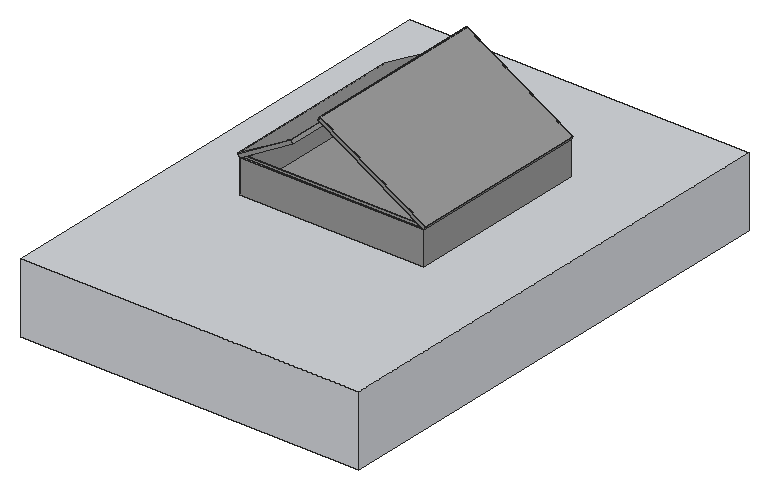
Revit family "Hager-Univers-IP44-D161-H800-Cl.II-FWQ_encl-AT-de", category Equipement électrique, Revit 2020
Family settings
  Hôte = Face
  Configuration du panneau = Deux colonnes, circuits au sein
  Cote de connecteur circulaire = Utiliser le diamètre
  Type d'élément = Tableau de raccordement
  Couper avec des vides une fois chargée = Non
  Partagée = Non
  Point de calcul de pièce = Non
Parameters (values of type "Aufputz IP44 B800 H800 T161  - FWQ53P")
  Width Control [instance] = if([EF000008 - Breite] > Min Width, [EF000008 - Breite], Min Width)  # 800 mm
  Commentaires du type = [HG000003 - Bereich]  # "Univers"
  Thickness Door [instance] = if([EF009171 - Materialstärke Tür/Deckel] > 3 mm, 3 mm, [EF009171 - Materialstärke Tür/Deckel])  # 2 mm
  Seal Frame Offset [instance] = 17 mm  # constant formula
  Plinth Visibility [instance] = [HG000027 - Sockelhöhe] > 0 mm  # no
  Model = ""
  Min Width [instance] = 100 mm  # constant formula
  Min Height [instance] = 100 mm  # constant formula
  Min Depth [instance] = (2 * [EF009170 - Materialstärke Gehäuse]) + 1 mm  # 5 mm
  Internal Frame Depth [instance] = (Door System Depth * 0.5)  # 9 mm
  Height Control [instance] = if([EF000040 - Höhe] > Min Height, [EF000040 - Höhe], Min Height)  # 800 mm
  HG000027 - Sockelhöhe = 0 mm
  HG000026 - Stehend auf dem Boden = no
  HG000024 - Höhe des unteren Teils = 800 mm
  HG000023 - Gehäuse mit doppeltem Querschnitt = no
  HG000016 - 3D-Türsichtbarkeit [instance] = yes
  HG000015 - Sichtbarkeit der Türöffnung [instance] = no
  HG000014 - Tür rechts [instance] = yes
  HG000013 - Tür links [instance] = not([HG000014 - Tür rechts])  # no
  HG000012 - Türschwenkwinkel [instance] = 30.00°
  HG000010 - Asymmetrische Türen = yes
  HG000009 - Doppelflügeligen Tür = yes
  HG000006 - Unterputz = no
  HG000004 - Herstellerreferenz = "FWQ53P"
  HG000003 - Bereich = "Univers"
  HG000002 - Mit tür = yes
  Frame Offset Bottom [instance] = 10 mm  # constant formula
  Frame Offset [instance] = 15 mm  # constant formula
  EF015940 - Deckel mit Überdruckentlastung = no
  EF011959 - Schutzart (NEMA) = ""
  EF009554 - Anzahl der Öffnungen für Flanschplatten = 6
  Fabricant = "Hager"  # constant formula
  EF009212 - Ausführung Deckel = "EV009916 - mit Ausschnitt"
  EF009171 - Materialstärke Tür/Deckel = 2 mm
  EF009170 - Materialstärke Gehäuse = 2 mm
  EF008873 - Nennstrom (In) = 125 A
  EF007800 - Geeignet für Blitzschutz = no
  EF006306 - Mit Schloss = no
  EF006244 - Transparenter Deckel/Tür = no
  EF005474 - Schutzart (IP) = "EV006418 - IP44"
  EF004464 - Art der Tür = "EV002646 - Einzel"
  EF004427 - Anzahl der Module = 180
  EF004293 - Schlagfestigkeit = "EV006815 - IK09"
  EF003532 - Geeignet für Außengebrauch = no
  EF002950 - Breite in Teilungseinheiten = 36
  EF001613 - Funktionserhalt = "EV000494 - ohne"
  EF001596 - Werkstoff des Gehäuses = "EV000179 - Stahl"
  EF001131 - Innentiefe = 161 mm
  EF001088 - Anbaumöglichkeit = yes
  EF000437 - Anzahl der Leitungseinführungen = 12
  EF000339 - Art der Abdeckung = "EV001012 - Deckel"
  EF000266 - Anzahl der Reihen = 3
  EF000218 - Einbautiefe = 0 mm
  EF000118 - Mit Montageplatte = yes
  EF000116 - RAL-Nummer = "9010"
  EF000049 - Tiefe = 161 mm
  EF000040 - Höhe = 800 mm
  EF000008 - Breite = 800 mm
  EF000007 - Farbe = "EV000202 - weiß"
  EF000003 - Montageart = "EV000384 - Aufputz"
  Door System Leaf Tolerance [instance] = 1.5 mm  # constant formula
  Door System Depth [instance] = 18 mm  # constant formula
  Door Height [instance] = Height Control - [HG000027 - Sockelhöhe]  # 800 mm
  Depth Control [instance] = if([EF000049 - Tiefe] > Min Depth, [EF000049 - Tiefe], Min Depth)  # 161 mm
  Default Elevation = 0 mm
  Connector Offset [instance] = Height Control / 2  # 400 mm
  Bottom Top Plate Trim [instance] = 1.5 mm  # constant formula
  Plinth height Ctrl [instance] = if([HG000027 - Sockelhöhe] > 0 mm, [HG000027 - Sockelhöhe], 12 mm)  # 12 mm
Types (4, lengths in mm): name | Width Control | HG000010 - Asymmetrische Türen | HG000009 - Doppelflügeligen Tür | HG000004 - Herstellerreferenz | EF009554 - Anzahl der Öffnungen für Flanschplatten | EF004427 - Anzahl der Module | EF002950 - Breite in Teilungseinheiten | EF000437 - Anzahl der Leitungseinführungen | EF000266 - Anzahl der Reihen | EF000008 - Breite
  Aufputz IP44 B1050 H800 T161  - FWQ54P | 1050 | no | yes | "FWQ54P" | 8 | 240 | 48 | 16 | 4 | 1050
  Aufputz IP44 B300 H800 T161  - FWQ51P | 300 | no | no | "FWQ51P" | 2 | 60 | 12 | 4 | 1 | 300
  Aufputz IP44 B550 H800 T161  - FWQ52P | 550 | no | no | "FWQ52P" | 4 | 120 | 24 | 8 | 2 | 550
  Aufputz IP44 B800 H800 T161  - FWQ53P | 800 | yes | yes | "FWQ53P" | 6 | 180 | 36 | 12 | 3 | 800
Reference planes
  plane 1 "Center (Front/Back)": y = 0
  plane 2: z = 0
  plane 3 "Center (Left/Right)": x = 0
  plane 4: z = 161
  plane 5: y = 2
  plane 6: y = 400
  plane 7: y = 0
  plane 8: y = 800
  plane 9: z = 0
  plane 10: x = -385
  plane 11: x = 385
  plane 12: x = 383
  plane 13: x = -383
  plane 14: y = 798
  plane 15: x = -383
  plane 16: x = -400
  plane 17: x = 383
  plane 18: x = 400
  plane 19: x = 398
  plane 20: x = -398
  plane 21: y = 12
  plane 22: y = 800
  plane 23: y = 783
  plane 24: z = 143
  plane 25: z = 2
  plane 26: z = 141
  plane 27: z = 159
Forms (mm)
  Extrusion 1, solid
    sketch origin (0, 0, 0) x (1, 0, 0) y (0, 1, 0)
      loop
        line (-702.964, 1305) -> (-702.964, -811.445) -> (766.763, -811.445) -> (766.763, 1305) -> (-702.964, 1305)
    from 0 to -304.8
  Extrusion 2, solid, material "Hager_Steel_RAL7035_Light_Grey", visible <- "Plinth Visibility", detail levels medium+fine
    sketch origin (0, 0, 0) x (1, 0, 0) y (0, 1, 0)
      loop
        line (-400, 0) -> (400, 0) -> (400, 12) -> (-400, 12) -> (-400, 0)
    from 0 to 143
  Extrusion 3, solid, material "Hager_Steel_RAL7035_Light_Grey", detail levels medium+fine
    sketch origin (0, 0, 0) x (1, 0, 0) y (0, 1, 0)
      loop
        line (-400, 0) -> (400, 0) -> (400, 800) -> (-400, 800) -> (-400, 0)
    from 0 to 143
  Extrusion 4, void
    sketch origin (0, 0, 0) x (1, 0, 0) y (0, 1, 0)
      loop
        line (-398, 2) -> (398, 2) -> (398, 798) -> (-398, 798) -> (-398, 2)
    from 2 to 141
  Extrusion 5, void
    sketch origin (-381.607, -4572, 143) x (0, -1, 0) y (-1, 0, 0)
      loop
        line (-4584, 1.393) -> (-5355, 1.393) -> (-5355, -764.607) -> (-4584, -764.607) -> (-4584, 1.393)
    from 0 to 2 <- "EF009170 - Materialstärke Gehäuse"
  Extrusion 6, solid, material "Hager_Steel_RAL7035_Light_Grey", detail levels fine
    sketch origin (0, 0, 143) x (1, 0, 0) y (0, 1, 0)
      loop
        line (-383, 783) -> (-383, 12) -> (383, 12) -> (383, 783) -> (-383, 783)
      loop
        line (-385, 10) -> (385, 10) -> (385, 785) -> (-385, 785) -> (-385, 10)
    from 0 to 9 <- "Internal Frame Depth"
  Extrusion 7, solid, material "Hager_Steel_RAL7035_Light_Grey", detail levels coarse
    sketch origin (0, 0, 0) x (1, 0, 0) y (0, 1, 0)
      loop
        line (-400, 0) -> (400, 0) -> (400, 800) -> (-400, 800) -> (-400, 0)
    from 0 to 161
  Sweep 8, void
    path in 3D
      loop
        line (-400, 12, 0) -> (400, 12, 0) -> (400, 12, 143) -> (-400, 12, 143) -> (-400, 12, 0)
    profile origin (-400, 12, 71.5) x (-1, 0, 0) y (0, -1, 0)
      loop
        line (0, 0) -> (0, 1.5) -> (-1.5, 1.5)
        arc (-1.5, 1.5) -> (-1.061, 0.439) -> (0, 0) r 1.5
Cuts and joins
  Extrusion 4, Extrusion 5 cuts Extrusion 3
  Sweep 8 cuts Extrusion 2
Lines and regions (mm)
  Masking region 1
    outline origin (0, 0, 0) x (1, 0, 0) y (0, 0, 1)
      loop
        line (-400, 161) -> (-400, 0) -> (400, 0) -> (400, 161) -> (-400, 161)
  Masking region 2, detail levels medium+fine
    outline origin (0, 140, 0) x (0, 1, 0) y (0, 0, 1)
      loop
        line (-140, 0) -> (660, 0) -> (660, 143) -> (-140, 143) -> (-140, 0)
  Masking region 3, not visible, detail levels medium+fine
    outline origin (0, 297.922, 0) x (0, 1, 0) y (0, 0, 1)
      loop
        line (113.578, 0) -> (153.578, 0) -> (153.578, 149)
        arc (153.578, 149) -> (150.649, 156.071) -> (143.578, 159) r 10
        line (143.578, 159) -> (113.578, 159) -> (113.578, 0)
  Masking region 4, detail levels coarse
    outline origin (0, 0, 180) x (0, 1, 0) y (0, 0, 1)
      loop
        line (0, -180) -> (800, -180) -> (800, -19) -> (0, -19) -> (0, -180)
  Masking region 5, visible <- "Plinth Visibility", detail levels medium+fine
    outline origin (0, 52.24, 12.345) x (0, 0, -1) y (0, 1, 0)
      loop
        line (10.845, -40.24) -> (-129.155, -40.24)
        arc (-129.155, -40.24) -> (-129.594, -41.301) -> (-130.655, -41.74) r 1.5
        line (-130.655, -41.74) -> (-130.655, -52.24) -> (12.345, -52.24) -> (12.345, -41.74)
        arc (12.345, -41.74) -> (11.285, -41.301) -> (10.845, -40.24) r 1.5
  Masking region 6, detail levels medium+fine
    outline origin (-381.607, -4572, 143) x (-1, 0, 0) y (0, -1, 0)
      loop
        line (18.393, -5372) -> (18.393, -4572) -> (-781.607, -4572) -> (-781.607, -5372) -> (18.393, -5372)
  Masking region 7, visible <- "Plinth Visibility", detail levels medium+fine
    outline origin (-381.607, -4727, 143) x (-1, 0, 0) y (0, -1, 0)
      loop
        arc (16.893, -4739) -> (17.332, -4737.939) -> (18.393, -4737.5) r 1.5
        line (18.393, -4737.5) -> (18.393, -4727) -> (-781.607, -4727) -> (-781.607, -4737.5)
        arc (-781.607, -4737.5) -> (-780.546, -4737.939) -> (-780.107, -4739) r 1.5
        line (-780.107, -4739) -> (16.893, -4739)
  Masking region 8, detail levels coarse
    outline origin (-442.548, -4669.526, 143) x (-1, 0, 0) y (0, -1, 0)
      loop
        line (-42.548, -5469.526) -> (-42.548, -4669.526) -> (-842.548, -4669.526) -> (-842.548, -5469.526) -> (-42.548, -5469.526)
  sketch lines
    curve 1: line (-400, 12, 143) -> (-400, 12, 0)
    curve 2: line (400, 12, 143) -> (-400, 12, 143)
    curve 3: line (400, 12, 143) -> (400, 12, 0)
    curve 4: line (-400, 12, 0) -> (400, 12, 0)
Dimensions and locks
  "Depth Control": plane 4 to Extrusion 1
  "HG000027 - Sockelhöhe": plane 1 "Center (Front/Back)" to plane 7
  "EF009170 - Materialstärke Gehäuse": plane 5 to plane 7
  locked: connector elem to plane 3 "Center (Left/Right)"
  equal spacing: plane 8, plane 6, plane 7
  locked: connector elem to plane 6
  "EF009170 - Materialstärke Gehäuse": plane 8 to plane 14
  "EF009170 - Materialstärke Gehäuse": plane 10 to plane 13
  "EF009170 - Materialstärke Gehäuse": plane 12 to plane 11
  "Frame Offset": plane 20 to plane 13
  "Frame Offset": plane 12 to plane 19
  "EF009170 - Materialstärke Gehäuse": plane 16 to plane 20
  "EF009170 - Materialstärke Gehäuse": plane 19 to plane 18
  "Seal Frame Offset": plane 16 to plane 15
  "Seal Frame Offset": plane 17 to plane 18
  "Frame Offset Bottom": plane 21 to plane 5
  "Frame Offset": plane 14 to plane 23
  equal spacing: plane 16, plane 3 "Center (Left/Right)", plane 18
  "Width Control": plane 16 to plane 18
  "EF009170 - Materialstärke Gehäuse": plane 4 to plane 27
  "EF009170 - Materialstärke Gehäuse": plane 24 to plane 26
  "EF009170 - Materialstärke Gehäuse": plane 25 to level
  "Door System Depth": plane 4 to plane 24
  "Height Control": plane 1 "Center (Front/Back)" to Extrusion 7 sketch curve
  "Height Control": Masking region 4 sketch curve to plane 1 "Center (Front/Back)"
  "Height Control": plane 1 "Center (Front/Back)" to plane 22
  "Bottom Top Plate Trim": profile plane to Sweep 8 sketch curve
  "Bottom Top Plate Trim": Sweep 8 sketch curve to profile plane
  "Plinth height Ctrl": plane 1 "Center (Front/Back)" to Extrusion 2 sketch curve
  "Plinth height Ctrl": Masking region 5 sketch curve to plane 1 "Center (Front/Back)"
  "Plinth height Ctrl": plane 1 "Center (Front/Back)" to Masking region 7 sketch curve
  "Thickness Door": Extrusion 6 sketch curve to Extrusion 6 sketch curve  (x3)
  "Thickness Door": cut or joined group of Extrusion 3, Extrusion 4, Extrusion 5 to Extrusion 6 sketch curve
  radius of Masking region 3 sketch curve = 10 mm
  "Bottom Top Plate Trim": radius of Masking region 5 sketch curve  (x2)
  "Bottom Top Plate Trim": radius of Sweep 8 sketch curve
  "Bottom Top Plate Trim": radius of Masking region 7 sketch curve  (x2)
  aligned and locked: plane 2 to Extrusion 1
  aligned and locked: level to Extrusion 1
  aligned and locked: level to Masking region 1 sketch curve
  aligned and locked: Masking region 1 sketch curve to plane 18
  aligned and locked: Masking region 1 sketch curve to plane 16
  aligned and locked: plane 7 to Masking region 2 sketch curve
  aligned and locked: level to Masking region 3 sketch curve
  aligned and locked: Masking region 3 sketch curve to plane 27
  aligned and locked: level to Masking region 2 sketch curve
  aligned and locked: plane 1 "Center (Front/Back)" to Extrusion 2 sketch curve
  aligned and locked: Extrusion 3 sketch curve to plane 7
  aligned and locked: plane 16 to Extrusion 3 sketch curve
  aligned and locked: plane 18 to Extrusion 3 sketch curve
  aligned and locked: plane 20 to Extrusion 4 sketch curve
  aligned and locked: plane 19 to Extrusion 4 sketch curve
  aligned and locked: Extrusion 4 sketch curve to plane 5
  aligned and locked: Extrusion 4 to plane 25
  aligned and locked: plane 26 to Extrusion 4
  aligned and locked: plane 24 to Extrusion 3
  aligned and locked: Extrusion 5 sketch curve to plane 21
  aligned and locked: Extrusion 5 sketch curve to plane 13
  aligned and locked: Extrusion 5 sketch curve to plane 12
  aligned and locked: plane 18 to Extrusion 7 sketch curve
  aligned and locked: plane 1 "Center (Front/Back)" to Extrusion 7 sketch curve
  aligned and locked: plane 16 to Extrusion 7 sketch curve
  aligned and locked: plane 4 to Extrusion 7
  aligned and locked: Extrusion 7 to level
  aligned and locked: level to Masking region 4 sketch curve
  aligned and locked: Masking region 4 sketch curve to plane 1 "Center (Front/Back)"
  aligned and locked: Masking region 4 sketch curve to plane 4
  aligned and locked: nested 1 to level
  aligned and locked: nested 1 to plane 16
  aligned and locked: plane 8 to Extrusion 3 sketch curve
  aligned and locked: plane 23 to Extrusion 5 sketch curve
  aligned and locked: plane 14 to Extrusion 4 sketch curve
  aligned and locked: Masking region 2 sketch curve to plane 8
  aligned and locked: level to Masking region 5 sketch curve
  aligned and locked: plane 16 to Extrusion 2 sketch curve
  aligned and locked: plane 18 to Extrusion 2 sketch curve
  aligned and locked: Masking region 5 sketch curve to plane 24
  aligned and locked: Masking region 2 sketch curve to plane 24
  aligned and locked: plane 24 to Extrusion 2
  aligned and locked: profile plane to Sweep 8 sketch curve  (x2)
  aligned and locked: Masking region 6 sketch curve to plane 18
  aligned and locked: Masking region 6 sketch curve to plane 22
  aligned and locked: Masking region 6 sketch curve to plane 16
  aligned and locked: plane 8 to plane 22
  aligned and locked: Masking region 6 sketch curve to plane 7
  aligned and locked: Masking region 7 sketch curve to plane 16
  aligned and locked: Masking region 7 sketch curve to plane 1 "Center (Front/Back)"
  aligned and locked: Masking region 7 sketch curve to plane 18
  aligned and locked: Masking region 8 sketch curve to plane 1 "Center (Front/Back)"
  aligned and locked: Masking region 8 sketch curve to plane 18
  aligned and locked: Masking region 8 sketch curve to plane 22
  aligned and locked: Masking region 8 sketch curve to plane 16
  aligned and locked: nested 2 to plane 7
  aligned and locked: plane 3 "Center (Left/Right)" to nested 2
  aligned and locked: nested 2 to plane 24
  aligned and locked: Extrusion 6 sketch curve to cut or joined group of Extrusion 3, Extrusion 4, Extrusion 5  (x4)
Automatic sketch dimensions
  Extrusion 1 sketch curve to Extrusion 1 sketch curve = 1469.727 mm
  Extrusion 1 sketch curve to Extrusion 1 sketch curve = 2116.445 mm
  Masking region 1 sketch curve to plane 4 = 0 mm
  plane 6 to Masking region 3 sketch curve = 11.5 mm
  Masking region 3 sketch curve to Masking region 3 sketch curve = 30 mm
  Masking region 5 sketch curve to plane 1 "Center (Front/Back)" = 0 mm
Nested families
  nested 1: "Hager_Enclosure_Symbol" at (-400, 0, 0) x (1, 0, 0) z (0, -1, 0), Height <- "Depth Control", Width <- "Width Control", type "Hager_Enclosure_Symbol"
    with Width_Ctrl 800 mm, Width 800 mm, Height_Ctrl 161 mm, Height 161 mm, A_Width_Int 10.566 mm, A_Width 126.788 mm, A_Height_Ctrl 140.875 mm, A_Height 140.875 mm
  nested 2: "EC000058_Univers_Door" at (0, 0, 143) x (1, 0, 0) z (0, 1, 0), Leaf_Tolerance <- "Door System Leaf Tolerance", Angle <- "HG000012 - Türschwenkwinkel", Door_Depth <- "Door System Depth", Door_Left <- "HG000013 - Tür links", Transparent <- "EF006244 - Transparenter Deckel/Tür", Assymetrical <- "HG000010 - Asymmetrische Türen", Width <- "Width Control", Clearance <- "HG000015 - Sichtbarkeit der Türöffnung", Double <- "HG000009 - Doppelflügeligen Tür", 3d_Door <- "HG000016 - 3D-Türsichtbarkeit", Lock_Visibility <- "EF006306 - Mit Schloss", Width_Ctrl <- "Width Control", Door_Right <- "HG000014 - Tür rechts", Door <- "HG000002 - Mit tür", Height <- "Door Height", Thickness <- "Thickness Door", type "EC000058_Univers_Door", detail levels medium+fine
    with min_wh 5 mm, Width_Ctrl 800 mm, Width 800 mm, Transparent no, Thickness 2 mm, Seal_Material Hager_Rubber, Lock_Visibility no, Lock_Material Hager_Plastic_RAL9005_Jet_Black, Leaf_Width 800 mm, Leaf_Tolerance_External_Sides 0 mm, Leaf_Tolerance 1.5 mm, Leaf_Offset 0 mm, Leaf_Height 797 mm, Leaf_2_Width 532.583 mm, Leaf_2_Offset 266.292 mm, Leaf_1_Width 265.917 mm, Leaf_1_Offset 132.958 mm, Height_Ctrl 800 mm, Height 800 mm, Glass_Material Hager_Glass, Double_Clearance_Ctrl no, Double yes, Door_Right_Ctrl yes, Door_Right yes, Door_Material Hager_Steel_RAL7035_Light_Grey, Door_Left_Ctrl yes, Door_Left no, Door_Depth 18 mm, Door yes, Clearance_Material Hager_Clearance, Clearance_Depth 532.583 mm, Clearance_Ctrl no, Clearance no, Assymetrical yes, Angle 30.00°, 3d_Door yes
Connectors
  electrical at (0, 400, 0)
    settings: on plane 9, index 1, voltage 0 V, apparent load 0 VA, apparent load phase1 0 VA, apparent load phase2 0 VA, apparent load phase3 0 VA, power factor 1, load classification "Other", number of poles 1, system type 30, power factor state 1, is connector primary yes, connector utility no, sub classification motor no, connector description ""
Definition of nested family "EC000058_Univers_Door"
  Parameters (values of type "EC000058_Univers_Door")
    min_wh [instance] = (2 * Thickness) + 1 mm  # 11 mm
    Width_Ctrl [instance] = 400 mm
    Width [instance] = 500 mm
    Transparent [instance] = yes
    Thickness [instance] = 5 mm
    Seal_Material [instance] = none
    Lock_Visibility [instance] = yes
    Lock_Material [instance] = none
    Leaf_Width [instance] = if((Width_Ctrl - 2 * Leaf_Tolerance_External_Sides) > 0 mm, (Width_Ctrl - 2 * Leaf_Tolerance_External_Sides), min_wh)  # 400 mm
    Leaf_Tolerance_External_Sides [instance] = 0 mm  # constant formula
    Leaf_Tolerance [instance] = 1.5 mm
    Leaf_Offset [instance] = 0 mm  # constant formula
    Leaf_Height [instance] = if((Height_Ctrl - 2 * Leaf_Tolerance) > 0 mm, (Height_Ctrl - 2 * Leaf_Tolerance), min_wh)  # 497 mm
    Leaf_2_Width [instance] = if(and(and(Double, Assymetrical), Door_Left), (Leaf_Width / 3) - (Leaf_Tolerance / 2), if(and(and(Double, Assymetrical), Door_Right), (Leaf_Width / 3) * 2 - (Leaf_Tolerance / 2), if(and(Double, not(Assymetrical)), (Leaf_Width / 2) - Leaf_Tolerance, Leaf_Width)))  # 400 mm
    Leaf_2_Offset [instance] = if(and(Double, Assymetrical), Leaf_2_Width / 2, if(and(Double, not(Assymetrical)), Leaf_Width / 4, Leaf_Width / 2))  # 200 mm
    Leaf_1_Width [instance] = if(and(and(Double, Assymetrical), Door_Right), (Leaf_Width / 3) - (Leaf_Tolerance / 2), if(and(and(Double, Assymetrical), Door_Left), (Width / 3) * 2 - (Leaf_Tolerance / 2), if(and(Double, not(Assymetrical)), (Leaf_Width / 2) - Leaf_Tolerance, Leaf_Width)))  # 400 mm
    Leaf_1_Offset [instance] = if(and(Double, Assymetrical), Leaf_1_Width / 2, if(and(Double, not(Assymetrical)), Leaf_Width / 4, Leaf_Width / 2))  # 200 mm
    Height_Ctrl [instance] = if(Height > min_wh, Height, min_wh)  # 500 mm
    Height [instance] = 500 mm
    Glass_Material [instance] = none
    Double_Clearance_Ctrl [instance] = and(Double, Clearance)  # no
    Double [instance] = no
    Door_Right_Ctrl [instance] = and(or(Door_Right, Double), Door)  # yes
    Door_Right [instance] = yes
    Door_Material [instance] = none
    Door_Left_Ctrl [instance] = and(or(Door_Left, Double), Door)  # no
    Door_Left [instance] = no
    Door_Depth [instance] = 30 mm
    Door [instance] = yes
    Default Elevation = 1219.2 mm
    Clearance_Material [instance] = none
    Clearance_Depth [instance] = if(Leaf_1_Width > Leaf_2_Width, Leaf_1_Width, Leaf_2_Width)  # 400 mm
    Clearance_Ctrl [instance] = and(not(Double), Clearance)  # yes
    Clearance [instance] = yes
    Assymetrical [instance] = yes
    Angle [instance] = 30.00°
    3d_Door [instance] = yes
  Reference planes
    plane 1 "Center (Front/Back)": y = 0
    plane 2 "Bottom": z = 0
    plane 3 "Center (Left/Right)": x = 0
    plane 4: z = 500
    plane 5: x = -200
    plane 6: x = 200
    plane 7: z = 500
    plane 8: x = -200
    plane 9: z = 0
    plane 10: x = 200
    plane 11: y = 0
    plane 12: z = 1.5
    plane 13: x = -600
    plane 14: y = -400
    plane 15: x = 600
    plane 16: x = 0
    plane 17: x = 0
    plane 18: x = -200
    plane 19: x = 200
    plane 20: z = 498.5
  Forms (mm)
    Extrusion 1, solid, material <- "Clearance_Material", visible <- "Double_Clearance_Ctrl"
      sketch origin (1200, 0, 0) x (1, 0, 0) y (0, 0, -1)
        loop
          line (-1800, -498.5) -> (-600, -498.5) -> (-600, 0) -> (-1800, 0) -> (-1800, -498.5)
      from 0 to -400
  Dimensions and locks
    equal spacing: plane 5, plane 3 "Center (Left/Right)", plane 6
    "Width_Ctrl": plane 5 to plane 6
    "Leaf_Offset": plane 5 to plane 8
    "Leaf_Offset": plane 6 to plane 10
    "Leaf_Offset": plane 9 to level
    "Leaf_Offset": plane 4 to plane 7
    "Height_Ctrl": plane 4 to level
    "Leaf_Tolerance": plane 12 to plane 9
    locked: plane 11 to plane 1 "Center (Front/Back)"
    "Leaf_1_Offset": plane 18 to plane 16
    "Leaf_2_Offset": plane 17 to plane 19
    "Leaf_1_Width": plane 13 to plane 8
    "Leaf_2_Width": plane 10 to plane 15
    "Clearance_Depth": plane 14 to plane 1 "Center (Front/Back)"
    "Leaf_Tolerance_External_Sides": plane 8 to plane 18
    "Leaf_Tolerance_External_Sides": plane 19 to plane 10
    "Leaf_Tolerance": plane 7 to plane 20
    aligned and locked: level to plane 2 "Bottom"
    aligned and locked: nested 1 to plane 16
    aligned and locked: nested 2 to plane 17
    aligned and locked: Extrusion 1 to plane 13
    aligned and locked: plane 15 to Extrusion 1
    aligned and locked: Extrusion 1 to plane 14
    aligned and locked: plane 12 to nested 1
    aligned and locked: nested 2 to plane 12
    aligned and locked: Extrusion 1 to plane 11
    aligned and locked: plane 20 to Extrusion 1
    aligned and locked: nested 2 to plane 11
    aligned and locked: nested 1 to plane 11
  Automatic sketch dimensions
    Extrusion 1 sketch curve to level = 0 mm
    plane 5 to Extrusion 1 sketch curve = 400 mm
    plane 6 to Extrusion 1 sketch curve = 400 mm
    Extrusion 1 sketch curve to plane 4 = 1.5 mm
  Nested families
    nested 1: "EC000058_Univers_Door_Leaf" at (0, 0, 1.5), Width <- "Leaf_1_Width", visible <- "Door_Left_Ctrl", Leaf_Height <- "Leaf_Height", Angle <- "Angle", 3d_Door <- "3d_Door", Transparent <- "Transparent", Clearance Material <- "Clearance_Material", Clearance <- "Clearance_Ctrl", Door_Material <- "Door_Material", Glass_Material <- "Glass_Material", Door_Depth <- "Door_Depth", Lock_Material <- "Lock_Material", Seal_Material <- "Seal_Material", Lock_Visibility <- "Lock_Visibility", Thickness <- "Thickness", type "EC000058_Univers_Door_Leaf"
      with Width 400 mm, Transparent_Glass_Offset 30 mm, Transparent_Ctrl yes, Transparent yes, Thickness 5 mm, Standard no, Seal_Material none, Seal_D2 8 mm, Seal_D1 1 mm, Offset_Internal_Frame 10 mm, Lock_Width 20 mm, Lock_Visibility_3d yes, Lock_Visibility yes, Lock_Thickness_3 3 mm, Lock_Thickness_2 1 mm, Lock_Thickness_1 3 mm, Lock_Radius_Offset_2 16 mm, Lock_Radius_Offset_1 15 mm, Lock_Radius_2 5 mm, Lock_Radius 6 mm, Lock_Offset 5 mm, Lock_Material none, Lock_Height 80 mm, Lock_Cover_Top_Offset_2d 17 mm, Lock_Cover_Height -65 mm, Leaf_Height 497 mm, Internal_Seal_Thickness 8 mm, Internal_Seal_Depth_2 4.5 mm, Internal_Frame_Depth 25 mm, Glass_Thickness -1 mm, Glass_Offset -2 mm, Glass_Material none, Door_Material none, Door_Depth 30 mm, Clearance Material none, Clearance yes, Angle_Ctrl 30.00°, Angle 30.00°, 3d_Door yes
    nested 2: "EC000058_Univers_Door_Leaf" at (0, 0, 1.5) x (-1, 0, 0) z (0, 0, 1), Width <- "Leaf_2_Width", visible <- "Door_Right_Ctrl", Leaf_Height <- "Leaf_Height", Angle <- "Angle", 3d_Door <- "3d_Door", Transparent <- "Transparent", Clearance Material <- "Clearance_Material", Clearance <- "Clearance_Ctrl", Door_Material <- "Door_Material", Glass_Material <- "Glass_Material", Door_Depth <- "Door_Depth", Lock_Material <- "Lock_Material", Seal_Material <- "Seal_Material", Lock_Visibility <- "Lock_Visibility", Thickness <- "Thickness", type "EC000058_Univers_Door_Leaf"
      with Width 400 mm, Transparent_Glass_Offset 30 mm, Transparent_Ctrl yes, Transparent yes, Thickness 5 mm, Standard no, Seal_Material none, Seal_D2 8 mm, Seal_D1 1 mm, Offset_Internal_Frame 10 mm, Lock_Width 20 mm, Lock_Visibility_3d yes, Lock_Visibility yes, Lock_Thickness_3 3 mm, Lock_Thickness_2 1 mm, Lock_Thickness_1 3 mm, Lock_Radius_Offset_2 16 mm, Lock_Radius_Offset_1 15 mm, Lock_Radius_2 5 mm, Lock_Radius 6 mm, Lock_Offset 5 mm, Lock_Material none, Lock_Height 80 mm, Lock_Cover_Top_Offset_2d 17 mm, Lock_Cover_Height -65 mm, Leaf_Height 497 mm, Internal_Seal_Thickness 8 mm, Internal_Seal_Depth_2 4.5 mm, Internal_Frame_Depth 25 mm, Glass_Thickness -1 mm, Glass_Offset -2 mm, Glass_Material none, Door_Material none, Door_Depth 30 mm, Clearance Material none, Clearance yes, Angle_Ctrl 30.00°, Angle 30.00°, 3d_Door yes
  Definition of nested family "EC000058_Univers_Door_Leaf"
    Parameters (values of type "EC000058_Univers_Door_Leaf")
      Width [instance] = 2000 mm
      Transparent_Glass_Offset [instance] = 30 mm
      Transparent_Ctrl [instance] = and(Transparent, [3d_Door])  # yes
      Transparent [instance] = yes
      Thickness [instance] = 5 mm
      Standard [instance] = and(not(Transparent), [3d_Door])  # no
      Seal_Material [instance] = none
      Seal_D2 [instance] = 8 mm  # constant formula
      Seal_D1 [instance] = 1 mm  # constant formula
      Offset_Internal_Frame [instance] = 10 mm  # constant formula
      Lock_Width [instance] = 20 mm  # constant formula
      Lock_Visibility_3d [instance] = and(Lock_Visibility, [3d_Door])  # yes
      Lock_Visibility [instance] = yes
      Lock_Thickness_3 [instance] = 3 mm  # constant formula
      Lock_Thickness_2 [instance] = 1 mm  # constant formula
      Lock_Thickness_1 [instance] = 3 mm  # constant formula
      Lock_Radius_Offset_2 [instance] = Lock_Radius_Offset_1 + 1 mm  # 16 mm
      Lock_Radius_Offset_1 [instance] = 15 mm  # constant formula
      Lock_Radius_2 [instance] = Lock_Radius - 1 mm  # 5 mm
      Lock_Radius [instance] = 6 mm  # constant formula
      Lock_Offset [instance] = 5 mm  # constant formula
      Lock_Material [instance] = none
      Lock_Height [instance] = 80 mm  # constant formula
      Lock_Cover_Top_Offset_2d [instance] = Lock_Radius_Offset_2 + 1 mm  # 17 mm
      Lock_Cover_Height [instance] = -(Lock_Height - Lock_Radius_Offset_1)  # -65 mm
      Leaf_Height [instance] = 2720.336 mm
      Internal_Seal_Thickness [instance] = 8 mm  # constant formula
      Internal_Seal_Depth_2 [instance] = 4.5 mm  # constant formula
      Internal_Frame_Depth [instance] = if(Door_Depth - Thickness > 5 mm, Door_Depth - Thickness, 5 mm)  # 25 mm
      Glass_Thickness [instance] = if(Thickness > 15 mm, Glass_Offset + 10 mm, -1 mm)  # -1 mm
      Glass_Offset [instance] = if(Thickness > 15 mm, -(Thickness + 10 mm) / 2, -2 mm)  # -2 mm
      Glass_Material [instance] = none
      Door_Material [instance] = none
      Door_Depth [instance] = 30 mm
      Default Elevation = 0 mm
      Clearance Material [instance] = none
      Clearance [instance] = yes
      Angle_Ctrl [instance] = if(Angle > 180.00°, 180.00°, Angle)  # 90.00°
      Angle [instance] = 90.00°
      3d_Door [instance] = yes
    Reference planes
      plane 1 "Center (Front/Back)": y = 0
      plane 2: z = 0
      plane 3 "Center (Left/Right)": x = 0
      plane 4: y = 2000
      plane 5: x = -1000
      plane 6: x = 1000
      plane 7: x = -3000
      plane 8: z = 2720.336
      plane 9: z = 30
      plane 10: z = 2690.336
      plane 11: x = 970
      plane 12: x = -970
      plane 13: y = -3
      plane 14: z = 107.833
      plane 15: y = -5
      plane 16: y = -223.314
      plane 17: x = -1000
      plane 18: z = 1360.168
      plane 19: y = 30
    Forms (mm)
      Extrusion 1, solid, material <- "Clearance Material", visible <- "Clearance"
        sketch origin (0, 0, 0) x (1, 0, 0) y (0, 0, 1)
          loop
            line (-3000, 2720.336) -> (-3000, 0) -> (1000, 0) -> (1000, 2720.336) -> (-3000, 2720.336)
        from 0 to -2000
      Extrusion 2, solid, material <- "Door_Material", visible <- "Standard", detail levels medium+fine
        sketch origin (-1000, 0, 0) x (0, 1, 0) y (-1, 0, 0)
          loop
            line (0, 30) -> (0, 25) -> (2000, 25) -> (2000, 30) -> (0, 30)
        from 0 to 2720.336 <- "Leaf_Height"
      Extrusion 3, solid, material <- "Door_Material", visible <- "Transparent_Ctrl", detail levels medium+fine
        sketch origin (-1000, 0, 0) x (0, 1, 0) y (-1, 0, 0)
          loop
            line (0, 25) -> (2000, 25) -> (2000, 30) -> (0, 30) -> (0, 25)
        from 0 to 2720.336 <- "Leaf_Height"
      Extrusion 4, void
        sketch origin (-1025, 2000, 0) x (0, 1, 0) y (0, 0, -1)
          loop
            line (-30, -2690.336) -> (-30, -30) -> (-1970, -30) -> (-1970, -2690.336) -> (-30, -2690.336)
        from 0 to 5 <- "Thickness"
      Sweep 5, solid, material <- "Seal_Material", visible <- "Transparent_Ctrl", detail levels fine
        path in 3D
          loop
            line (-1025, 30, 30) -> (-1025, 30, 2690.336) -> (-1025, 1970, 2690.336) -> (-1025, 1970, 30) -> (-1025, 30, 30)
        profile origin (-1025, 1000, 30) x (1, 0, 0) y (0, 0, 1)
          loop
            line (0, 0) -> (0, -8) -> (1, -8) -> (1, 0) -> (0, 0)
      Extrusion 6, solid, material <- "Glass_Material", visible <- "Transparent_Ctrl", detail levels medium+fine
        sketch origin (-1030, 0, 0) x (0, 1, 0) y (0, 0, -1)
          loop
            line (1970, -2690.336) -> (1970, -30) -> (30, -30) -> (30, -2690.336) -> (1970, -2690.336)
        from -2 <- "Glass_Offset" to -1 <- "Glass_Thickness"
      Extrusion 7, solid, material <- "Door_Material", visible <- "3d_Door", detail levels medium+fine
        sketch origin (-1025, 2000, 0) x (0, -1, 0) y (0, 0, -1)
          loop
            line (0, -2720.336) -> (2000, -2720.336) -> (2000, 0) -> (0, 0) -> (0, -2720.336)
          loop
            line (1995, -5) -> (5, -5) -> (5, -2715.336) -> (1995, -2715.336) -> (1995, -5)
        from 0 to 25 <- "Internal_Frame_Depth"
      Sweep 8, solid, material <- "Seal_Material", visible <- "Transparent_Ctrl", detail levels fine
        path in 3D
          loop
            line (-1025, 0, 0) -> (-1025, 2000, 0) -> (-1025, 2000, 2720.336) -> (-1025, 0, 2720.336) -> (-1025, 0, 0)
        profile origin (-1025, 0, 1360.168) x (1, 0, 0) y (0, 1, 0)
          loop
            line (0, 10) -> (2.975, 10)
            arc (2.975, 10) -> (4.053, 10.447) -> (4.5, 11.525) r 1.525
            line (4.5, 11.525) -> (4.5, 16.527)
            arc (4.5, 16.527) -> (4.069, 17.569) -> (3.027, 18) r 1.473
            line (3.027, 18) -> (0, 18) -> (0, 10)
      Extrusion 9, solid, material <- "Lock_Material", visible <- "Lock_Visibility_3d", detail levels fine
        sketch origin (-1030, 0, 0) x (0, 1, 0) y (0, 0, -1)
          loop
            arc (1993.5, -1400.168) -> (1994.561, -1399.729) -> (1995, -1398.668) r 1.5
            line (1995, -1398.668) -> (1995, -1320.168) -> (1975, -1320.168) -> (1975, -1398.668)
            arc (1975, -1398.668) -> (1975.439, -1399.729) -> (1976.5, -1400.168) r 1.5
            line (1976.5, -1400.168) -> (1993.5, -1400.168)
        from 3 <- "Lock_Thickness_1" to 0
      Blend 10, solid, material <- "Lock_Material", visible <- "Lock_Visibility_3d", detail levels fine
        base sketch origin (-1033, 0, 0) x (0, 1, 0) y (0, 0, -1)
          loop
            line (1975, -1320.168) -> (1975, -1398.668)
            arc (1975, -1398.668) -> (1975.439, -1399.729) -> (1976.5, -1400.168) r 1.5
            line (1976.5, -1400.168) -> (1993.5, -1400.168)
            arc (1993.5, -1400.168) -> (1994.561, -1399.729) -> (1995, -1398.668) r 1.5
            line (1995, -1398.668) -> (1995, -1320.168) -> (1975, -1320.168)
        top sketch origin (-1033, 0, 0) x (0, 1, 0) y (0, 0, -1)
          loop
            line (1976, -1320.168) -> (1976, -1398.668)
            arc (1976, -1398.668) -> (1976.146, -1399.022) -> (1976.5, -1399.168) r 0.5
            line (1976.5, -1399.168) -> (1993.5, -1399.168)
            arc (1993.5, -1399.168) -> (1993.854, -1399.022) -> (1994, -1398.668) r 0.5
            line (1994, -1398.668) -> (1994, -1320.168) -> (1976, -1320.168)
        from 0 to 1 <- "Lock_Thickness_2"
      Blend 11, solid, material <- "Lock_Material", visible <- "Lock_Visibility_3d", detail levels fine
        base sketch origin (-1034, 0, 0) x (0, 1, 0) y (0, 0, -1)
          loop
            line (1978, -1320.168) -> (1978, -1384.168)
            arc (1978, -1384.168) -> (1985, -1391.168) -> (1992, -1384.168) r 7
            line (1992, -1384.168) -> (1992, -1320.168) -> (1978, -1320.168)
        top sketch origin (-1034, 0, 0) x (0, 1, 0) y (0, 0, -1)
          loop
            line (1991, -1320.168) -> (1979, -1320.168) -> (1979, -1383.168)
            arc (1979, -1383.168) -> (1985, -1389.168) -> (1991, -1383.168) r 6
            line (1991, -1383.168) -> (1991, -1320.168)
        from 0 to 3 <- "Lock_Thickness_3"
      Extrusion 12, solid, material <- "Lock_Material", visible <- "Lock_Visibility_3d", detail levels fine
        sketch origin (-1030, 1975, 1320.168) x (1, 0, 0) y (0, -1, 0)
          loop
            line (-7, -19) -> (-7, -1) -> (0, -1) -> (0, 0) -> (-8, 0) -> (-8, -20) -> (0, -20) -> (0, -19) -> (-7, -19)
        from 0 to -65 <- "Lock_Cover_Height"
      Extrusion 13, void
        sketch origin (-1038, 1995, 1320.168) x (-1, 0, 0) y (0, 0, -1)
          loop
            line (-5, -65) -> (0, -65) -> (-5, -60) -> (-5, -65)
        from 0 to 20 <- "Lock_Width"
      Extrusion 14, void
        sketch origin (-1038, 1975, 1320.168) x (0, -1, 0) y (0, 0, -1)
          loop
            circle (-10, -15.995) r 6
          loop
            circle (-10, -15.995) r 5
        from 0 to 2
      Extrusion 15, solid, material <- "Lock_Material", visible <- "Lock_Visibility_3d", detail levels medium
        sketch origin (-1030, 0, 0) x (0, 1, 0) y (0, 0, -1)
          loop
            arc (1993.5, -1400.168) -> (1994.561, -1399.729) -> (1995, -1398.668) r 1.5
            line (1995, -1398.668) -> (1995, -1320.168) -> (1975, -1320.168) -> (1975, -1398.668)
            arc (1975, -1398.668) -> (1975.439, -1399.729) -> (1976.5, -1400.168) r 1.5
            line (1976.5, -1400.168) -> (1993.5, -1400.168)
        from 8 to 0
    Cuts and joins
      Extrusion 4 cuts Extrusion 3
      Extrusion 13, Extrusion 14 cuts Extrusion 9
      Extrusion 14 cuts Blend 11
      Extrusion 13, Extrusion 14 cuts Extrusion 12
      joined: Extrusion 9, Blend 10, Blend 11, Extrusion 12
      Extrusion 14 cuts Extrusion 15
    Lines and regions (mm)
      Masking region 1, visible <- "Lock_Visibility", detail levels fine
        outline origin (0, 0, 0) x (0, 1, 0) y (0, 0, 1)
          loop
            line (30, 1320.168) -> (33, 1320.168) -> (33, 1400.168) -> (30, 1400.168) -> (30, 1320.168)
      Masking region 2, visible <- "Lock_Visibility", detail levels fine
        outline origin (0, 3.143, 0) x (0, 1, 0) y (0, 0, 1)
          loop
            line (29.857, 1354.168) -> (30.857, 1354.168) -> (30.857, 1366.168) -> (29.857, 1366.168) -> (29.857, 1354.168)
      Masking region 3, detail levels medium+fine
        outline origin (0, 0, 0) x (0, 1, 0) y (0, 0, 1)
          loop
            line (0, 0) -> (30, 0) -> (30, 2720.336) -> (0, 2720.336) -> (0, 0)
      Masking region 4, detail levels medium+fine
        outline origin (0, 0, 0) x (1, 0, 0) y (0, 0, 1)
          loop
            line (-1000, 2720.336) -> (-1000, 0) -> (1000, 0) -> (1000, 2720.336) -> (-1000, 2720.336)
      Masking region 5, visible <- "Lock_Visibility", detail levels fine
        outline origin (-47.116, 0, 0) x (1, 0, 0) y (0, 0, 1)
          loop
            arc (1024.616, 1399.168) -> (1023.556, 1398.729) -> (1023.116, 1397.668) r 1.5
            line (1023.116, 1397.668) -> (1023.116, 1320.168) -> (1041.116, 1320.168) -> (1041.116, 1397.668)
            arc (1041.116, 1397.668) -> (1040.677, 1398.729) -> (1039.616, 1399.168) r 1.5
            line (1039.616, 1399.168) -> (1024.616, 1399.168)
      Masking region 6, visible <- "Lock_Visibility", detail levels medium+fine
        outline origin (-25, 0, 0) x (1, 0, 0) y (0, 0, 1)
          loop
            arc (1001.5, 1400.168) -> (1000.439, 1399.729) -> (1000, 1398.668) r 1.5
            line (1000, 1398.668) -> (1000, 1320.168) -> (1020, 1320.168) -> (1020, 1398.668)
            arc (1020, 1398.668) -> (1019.561, 1399.729) -> (1018.5, 1400.168) r 1.5
            line (1018.5, 1400.168) -> (1001.5, 1400.168)
      Masking region 7, visible <- "Lock_Visibility", detail levels fine
        outline origin (-73.735, 0, 0) x (1, 0, 0) y (0, 0, 1)
          loop
            line (1051.735, 1382.168) -> (1065.735, 1382.168) -> (1065.735, 1384.168)
            arc (1065.735, 1384.168) -> (1058.735, 1391.168) -> (1051.735, 1384.168) r 7
            line (1051.735, 1384.168) -> (1051.735, 1382.168)
      Masking region 8, visible <- "Lock_Visibility", detail levels fine
        outline origin (-73.735, 0, 0) x (1, 0, 0) y (0, 0, 1)
          loop
            line (1052.735, 1382.168) -> (1064.735, 1382.168) -> (1064.735, 1383.168)
            arc (1064.735, 1383.168) -> (1058.735, 1389.168) -> (1052.735, 1383.168) r 6
            line (1052.735, 1383.168) -> (1052.735, 1382.168)
      Masking region 9, visible <- "Lock_Visibility", detail levels fine
        outline origin (-25, 0, 0) x (1, 0, 0) y (0, 0, 1)
          loop
            line (1020, 1320.168) -> (1020, 1382.168) -> (1000, 1382.168) -> (1000, 1320.168) -> (1020, 1320.168)
      Masking region 10, detail levels medium+fine
        outline origin (0, 0, 0) x (1, 0, 0) y (0, 0, 1)
          loop
            circle (985, 1335.144) r 6
      Masking region 11, detail levels fine
        outline origin (0, 0, 0) x (1, 0, 0) y (0, 0, 1)
          loop
            circle (985, 1335.144) r 5
      Masking region 12, visible <- "Lock_Visibility", detail levels fine
        outline origin (0, 12.767, 0) x (0, 1, 0) y (0, 0, 1)
          loop
            line (20.233, 1320.168) -> (21.233, 1320.168) -> (21.233, 1399.168) -> (20.233, 1400.168) -> (20.233, 1320.168)
      Masking region 13, visible <- "Lock_Visibility", detail levels fine
        outline origin (0, 13.767, -10) x (0, 1, 0) y (0, 0, 1)
          loop
            line (20.233, 1330.168) -> (23.233, 1330.168) -> (23.233, 1399.168) -> (20.233, 1402.168) -> (20.233, 1330.168)
      Masking region 14, visible <- "Lock_Visibility", detail levels fine
        outline origin (0, 12.767, -10) x (0, 1, 0) y (0, 0, 1)
          loop
            line (20.233, 1330.168) -> (25.233, 1330.168) -> (25.233, 1399.305) -> (20.233, 1394.305) -> (20.233, 1330.168)
      Masking region 15, visible <- "Lock_Visibility", detail levels medium
        outline origin (0, 0, 0) x (0, 1, 0) y (0, 0, 1)
          loop
            line (30, 1320.168) -> (38, 1320.168) -> (38, 1400.168) -> (30, 1400.168) -> (30, 1320.168)
      Masking region 16, visible <- "Lock_Visibility", detail levels fine
        outline origin (-1000, 0, 0) x (0, 1, 0) y (-1, 0, 0)
          loop
            line (1975, 30) -> (1995, 30) -> (1995, 38) -> (1975, 38) -> (1975, 30)
          loop
            line (1979, 37) -> (1976, 37) -> (1976, 34) -> (1978, 34) -> (1979, 37)
          loop
            line (1994, 37) -> (1991, 37) -> (1992, 34) -> (1994, 34) -> (1994, 37)
      Masking region 17, visible <- "Lock_Visibility", detail levels medium
        outline origin (-1000, 0, 0) x (0, 1, 0) y (-1, 0, 0)
          loop
            line (1975, 30) -> (1995, 30) -> (1995, 38) -> (1975, 38) -> (1975, 30)
      symbolic lines
        curve 1: line (1000, 0, 0) -> (-3000, 0, 0)
        curve 2: arc (1000, 0, 0) -> (-1000, 2000, 0) -> (-3000, 0, 0) r 2000
        curve 4: line (-1030, 0, 0) -> (-1030, 2000, 0)
      reference lines
        curve 3: line (-1000, 0, 0) -> (-1000, 2000, 0)
      symbolic lines, detail levels medium+fine
        curve 5: line (-1030, 2000, 0) -> (-1025, 2000, 0)
        curve 7: line (-1025, 0, 0) -> (-1030, 0, 0)
        curve 8: line (-1025, 0, 0) -> (-1000, 0, 0)
        curve 9: line (-1000, 0, 0) -> (-1000, 2000, 0)
        curve 10: line (-1000, 2000, 0) -> (-1025, 2000, 0)
      symbolic lines, detail levels fine
        curve 6: line (-1025, 2000, 0) -> (-1025, 0, 0)
      sketch lines
        curve 11: line (-1025, 0, 2720.336) -> (-1025, 0, 0)
        curve 12: line (-1025, 2000, 0) -> (-1025, 0, 0)
        curve 13: line (-1025, 2000, 2720.336) -> (-1025, 2000, 0)
        curve 14: line (-1025, 0, 2720.336) -> (-1025, 2000, 2720.336)
        curve 15: line (-1025, 1970, 30) -> (-1025, 30, 30)
        curve 16: line (-1025, 30, 30) -> (-1025, 30, 2690.336)
        curve 17: line (-1025, 1970, 2690.336) -> (-1025, 1970, 30)
        curve 18: line (-1025, 30, 2690.336) -> (-1025, 1970, 2690.336)
      symbolic lines, visible <- "Transparent", detail levels medium+fine
        curve 19: line (-970, 0, 2690.336) -> (970, 0, 2690.336)
        curve 20: line (-970, 0, 30) -> (-970, 0, 2690.336)
        curve 21: line (970, 0, 30) -> (-970, 0, 30)
        curve 22: line (970, 0, 2690.336) -> (970, 0, 30)
    Dimensions and locks
      "Width": plane 1 "Center (Front/Back)" to plane 4
      equal spacing: plane 5, plane 3 "Center (Left/Right)", plane 6
      "Width": plane 5 to plane 6
      "Width": plane 7 to plane 5
      "Leaf_Height": plane 8 to level
      "Width": curve 5 to curve 3
      "Width": curve 3 to curve 3
      plane 8 to plane 10 = 30 mm
      plane 9 to level = 30 mm
      plane 12 to plane 5 = 30 mm
      plane 6 to plane 11 = 30 mm
      Extrusion 1 to Extrusion 4 sketch curve = 30 mm
      "Transparent_Glass_Offset": curve 3 to Extrusion 4 sketch curve
      "Transparent_Glass_Offset": Extrusion 4 sketch curve to cut or joined group of Extrusion 3, Extrusion 4  (x2)
      cut or joined group of Extrusion 3, Extrusion 4 to Extrusion 6 sketch curve = 30 mm
      "Transparent_Glass_Offset": cut or joined group of Extrusion 3, Extrusion 4 to Extrusion 4 sketch curve
      "Thickness": curve 6 to curve 4
      "Thickness": Extrusion 7 sketch curve to Extrusion 7 sketch curve  (x4)
      "Door_Depth": curve 4 to curve 3
      "Offset_Internal_Frame": profile plane to Sweep 8 sketch curve
      "Internal_Seal_Thickness": Sweep 8 sketch curve to Sweep 8 sketch curve
      "Internal_Seal_Depth_2": profile plane to Sweep 8 sketch curve
      "Seal_D1": profile plane to Sweep 5 sketch curve
      "Seal_D2": profile plane to Sweep 5 sketch curve
      "Thickness": Extrusion 2 sketch curve to Extrusion 2 sketch curve
      equal spacing: Extrusion 9 sketch curve, plane 18, Extrusion 9 sketch curve  (x2)
      equal spacing: Masking region 1 sketch curve, plane 18, Masking region 1 sketch curve
      "Lock_Height": Masking region 1 sketch curve to Masking region 1 sketch curve
      "Lock_Radius": Masking region 2 sketch curve to plane 18 to Masking region 2 sketch curve
      Masking region 2 sketch curve to Masking region 1 = 1 mm
      "Door_Depth": plane 19 to plane 1 "Center (Front/Back)"
      "Lock_Thickness_1": Masking region 1 sketch curve to plane 19
      "Lock_Width": Extrusion 9 sketch curve to Extrusion 9 sketch curve
      "Lock_Height": Extrusion 9 sketch curve to Extrusion 9 sketch curve
      "Lock_Offset": cut or joined group of Extrusion 3, Extrusion 4 to Extrusion 9 sketch curve
      equal spacing: plane 8, plane 18, level
      "Lock_Radius_Offset_1": Blend 11 sketch curve to Blend 10
      locked: Blend 10 to Blend 11 sketch curve at 2  (x2)
      locked: var sketch to Blend 11 sketch curve at 1  (x2)
      "Lock_Radius_Offset_2": Blend 11 sketch curve to Blend 10
      locked: Extrusion 12 sketch curve to Extrusion 12 sketch curve at 1  (x3)
      Masking region 6 sketch curve to Masking region 6 sketch curve = 80 mm
      "Lock_Height": Masking region 6 sketch curve to Masking region 6 sketch curve
      "Lock_Width": Masking region 6 sketch curve to Masking region 6 sketch curve
      locked: Masking region 6 to Masking region 5 sketch curve at 1  (x3)
      locked: Masking region 5 to Masking region 7 sketch curve at 2  (x2)
      "Lock_Radius_Offset_1": Masking region 5 to Masking region 7 sketch curve
      "Lock_Radius_Offset_2": Masking region 5 to Masking region 8 sketch curve
      locked: Masking region 7 to Masking region 8 sketch curve at 1  (x2)
      "Lock_Cover_Top_Offset_2d": Masking region 5 to Masking region 9 sketch curve
      equal spacing: Masking region 9, Masking region 10 sketch curve, Masking region 9
      equal spacing: Masking region 9, Masking region 11 sketch curve, Masking region 9
      Extrusion 15 sketch curve to Extrusion 15 sketch curve = 80 mm
      "Lock_Width": Extrusion 15 sketch curve to Extrusion 15 sketch curve
      "Lock_Height": Extrusion 15 sketch curve to Extrusion 15 sketch curve
      equal spacing: Extrusion 15 sketch curve, plane 18, Extrusion 15 sketch curve
      "Lock_Thickness_3": Masking region 13 sketch curve to Masking region 13 sketch curve
      "Lock_Height": Masking region 12 sketch curve to Masking region 12 sketch curve
      locked: Masking region 13 sketch curve to Masking region 1 at 8
      locked: Masking region 14 sketch curve to Masking region 13 at 1
      locked: Masking region 14 sketch curve to Masking region 1 at 10.863
      "Lock_Height": Masking region 15 sketch curve to Masking region 15 sketch curve
      "Lock_Offset": Extrusion 15 sketch curve to cut or joined group of Extrusion 3, Extrusion 4
      "Lock_Offset": plane 6 to Masking region 6 sketch curve
      radius of Sweep 8 sketch curve = 1.525 mm
      radius of Sweep 8 sketch curve = 1.473 mm
      radius of Extrusion 9 sketch curve = 1.5 mm  (x2)
      "Lock_Radius": radius of Extrusion 14 sketch curve
      "Lock_Radius_2": radius of Extrusion 14 sketch curve
      "Lock_Radius": radius of Masking region 10 sketch curve
      "Lock_Radius_2": radius of Masking region 11 sketch curve
      radius of Extrusion 15 sketch curve = 1.5 mm  (x2)
      "Angle_Ctrl": angle plane 1 "Center (Front/Back)" to curve 3
      locked: Masking region 12 sketch curve to Masking region 12 sketch curve (angle 45.00°)
      locked: Masking region 13 sketch curve to Masking region 13 sketch curve (angle 45.00°)
      locked: Masking region 14 sketch curve to Masking region 14 sketch curve (angle 45.00°)
      aligned and locked: level to plane 2
      aligned and locked: Extrusion 1 to curve 1
      aligned and locked: plane 6 to Extrusion 1
      aligned and locked: Extrusion 1 to plane 1 "Center (Front/Back)"
      aligned and locked: plane 4 to Extrusion 1
      aligned and locked: plane 8 to Extrusion 1
      aligned and locked: curve 7 to Extrusion 2 sketch curve
      aligned and locked: curve 5 to Extrusion 2 sketch curve
      aligned and locked: curve 7 to Extrusion 3 sketch curve
      aligned and locked: Extrusion 3 sketch curve to curve 4
      aligned and locked: Extrusion 3 sketch curve to curve 6
      aligned and locked: Extrusion 3 sketch curve to curve 5
      aligned and locked: curve 9 to curve 3
      aligned and locked: Extrusion 7 sketch curve to cut or joined group of Extrusion 3, Extrusion 4  (x4)
      aligned and locked: plane 17 to curve 3
      aligned and locked: plane 1 "Center (Front/Back)" to curve 3
      aligned and locked: plane 17 to plane 5
      aligned and locked: Sweep 8 sketch curve to profile plane
      aligned and locked: Sweep 5 sketch curve to profile plane  (x2)
      aligned and locked: Masking region 1 to Masking region 2 sketch curve
      aligned and locked: plane 19 to Masking region 1 sketch curve
      aligned and locked: plane 1 "Center (Front/Back)" to Masking region 3 sketch curve
      aligned and locked: plane 19 to Masking region 3 sketch curve
      aligned and locked: level to Masking region 3 sketch curve
      aligned and locked: Masking region 3 sketch curve to plane 8
      aligned and locked: plane 17 to Masking region 4 sketch curve
      aligned and locked: level to Masking region 4 sketch curve
      aligned and locked: Masking region 4 sketch curve to plane 8
      aligned and locked: plane 12 to curve 20
      aligned and locked: plane 10 to curve 19
      aligned and locked: plane 11 to curve 22
      aligned and locked: curve 21 to plane 9
      aligned and locked: Extrusion 2 sketch curve to cut or joined group of Extrusion 3, Extrusion 4
      aligned and locked: Blend 10 sketch curve to Extrusion 9  (x4)
      aligned and locked: Extrusion 9 to Blend 10 sketch curve
      aligned and locked: Blend 10 to Blend 11 sketch curve
      aligned and locked: Extrusion 12 sketch curve to Blend 11
      aligned and locked: Extrusion 12 sketch curve to Extrusion 9  (x4)
      aligned and locked: Masking region 5 sketch curve to Masking region 6
      aligned and locked: Masking region 9 sketch curve to Masking region 6  (x3)
      aligned and locked: Masking region 12 sketch curve to Masking region 1
      aligned and locked: Masking region 13 sketch curve to Masking region 1
      aligned and locked: Masking region 12 to Masking region 14
      aligned and locked: Masking region 14 sketch curve to Masking region 1
      aligned and locked: Masking region 15 sketch curve to Masking region 14
      aligned and locked: Masking region 13 sketch curve to Masking region 12
      aligned and locked: Masking region 16 sketch curve to cut or joined group of Extrusion 14, Extrusion 15  (x4)
      aligned and locked: Masking region 16 sketch curve to cut or joined group of Extrusion 9, Blend 10, Blend 11, Extrusion 12, Extrusion 13, Extrusion 14  (x6)
      aligned and locked: cut or joined group of Extrusion 9, Blend 10, Blend 11, Extrusion 12, Extrusion 13, Extrusion 14 to Masking region 16 sketch curve
      aligned and locked: Masking region 17 sketch curve to cut or joined group of Extrusion 14, Extrusion 15  (x3)
      aligned and locked: Masking region 17 sketch curve to cut or joined group of Extrusion 9, Blend 10, Blend 11, Extrusion 12, Extrusion 13, Extrusion 14
      aligned and locked: Masking region 9 to Masking region 8 sketch curve
      aligned and locked: Masking region 9 to Masking region 7 sketch curve
    Automatic sketch dimensions
      plane 1 "Center (Front/Back)" to curve 2 = 0 mm
      curve 2 to plane 5 = 0 mm
      Extrusion 1 sketch curve to level = 0 mm
      Extrusion 1 sketch curve to plane 7 = 0 mm
      Extrusion 1 sketch curve to plane 6 = 0 mm
      Extrusion 1 sketch curve to plane 8 = 0 mm
      Extrusion 3 to Extrusion 6 sketch curve = 30 mm  (x4)
      Masking region 4 sketch curve to plane 6 = 0 mm
      Blend 10 sketch curve to Extrusion 9 = 1.5 mm
      Blend 10 sketch curve to Extrusion 9 = 1 mm
      Extrusion 13 sketch curve to Extrusion 12 = 0 mm  (x2)
      Extrusion 12 to Extrusion 13 sketch curve = 3 mm
      Extrusion 13 sketch curve to Extrusion 12 = 5 mm
      Extrusion 14 sketch curve to Extrusion 14 sketch curve = 0 mm  (x2)
      Extrusion 14 sketch curve to Extrusion 12 = 10 mm
      Extrusion 14 sketch curve to Extrusion 12 = 15.995 mm
      Masking region 5 sketch curve to Masking region 5 sketch curve = 1.5 mm  (x2)
      Masking region 10 sketch curve to plane 18 = 25.024 mm
      Masking region 11 sketch curve to plane 18 = 25.024 mm
      plane 19 to Masking region 14 sketch curve = 3 mm
      Masking region 16 sketch curve to Masking region 16 sketch curve = 3 mm
      curve 4 to curve 3 = 0 mm
      Blend 10 to Blend 11 sketch curve = 0 mm
      Masking region 6 sketch curve to Masking region 6 sketch curve = 1.5 mm  (x2)
      Masking region 6 sketch curve to plane 18 = 40 mm
      plane 19 to Masking region 12 sketch curve = 3 mm
      Masking region 12 sketch curve to Masking region 12 sketch curve = 1 mm
      Masking region 15 sketch curve to plane 19 = 0 mm
      Masking region 15 sketch curve to plane 18 = 40 mm
      radius of Blend 10 sketch curve to Extrusion 9 = 1 mm
Definition of nested family "Hager_Enclosure_Symbol"
  Parameters (values of type "Hager_Enclosure_Symbol")
    Width_Ctrl [instance] = if(Width > 1 mm, Width, 1 mm)  # 102.27 mm
    Width [instance] = 102.27 mm
    Height_Ctrl [instance] = if(Height > 1 mm, Height, 1 mm)  # 66.5 mm
    A_Width_Int [instance] = if(A_Width / 12 > 2 mm, A_Width / 12, 2 mm)  # 4.364 mm
    A_Width [instance] = if(A_Height_Ctrl * 0.9 > 2 mm, A_Height_Ctrl * 0.9, 2 mm)  # 52.369 mm
    A_Height_Ctrl [instance] = if(A_Height > 2 mm, A_Height, 2 mm)  # 58.188 mm
    Height [instance] = 66.5 mm
    A_Height [instance] = Height - (Height / 8)  # 58.188 mm
  Reference planes
    plane 1 "Centre (avant/arrière)": y = 0
    plane 2: z = 0
    plane 3 "Centre (gauche/droite)": x = 0
    plane 4: x = 52.369
    plane 5: y = 33.042
    plane 6: y = 41.77
    plane 7: y = 66.5
    plane 8: x = 26.184
    plane 9: y = 37.406
    plane 10: x = 102.27
    plane 11: y = 66.5
    plane 12: y = 8.313
  Lines and regions (mm)
    Filled region 1, type "Solid_Black", in view "Niveau de réf."
      outline origin (0, 0, 0) x (1, 0, 0) y (0, 1, 0)
        loop
          line (52.369, 66.5) -> (33.188, 54.536) -> (45.365, 45.006) -> (52.369, 66.5)
    Filled region 2, type "Solid_Black", in view "Niveau de réf."
      outline origin (0, 0, 0) x (1, 0, 0) y (0, 1, 0)
        loop
          line (0, 0) -> (102.27, 0) -> (102.27, 66.5) -> (0, 0)
    detail lines, in view "Niveau de réf."
      curve 1: line (0, 8.313, 0) -> (26.184, 41.77, 0)
      curve 2: line (26.184, 41.77, 0) -> (26.184, 33.042, 0)
      curve 3: line (26.184, 33.042, 0) -> (52.369, 66.5, 0)
  Dimensions and locks
    "A_Width": plane 3 "Centre (gauche/droite)" to plane 4
    equal spacing: plane 3 "Centre (gauche/droite)", plane 8, plane 4
    equal spacing: plane 6, plane 9, plane 5
    equal spacing: curve 3, Filled region 1 sketch curve, Filled region 1 sketch curve
    "Height_Ctrl": plane 1 "Centre (avant/arrière)" to plane 11
    "A_Height_Ctrl": plane 11 to plane 12
    equal spacing: plane 11, plane 9, plane 12
    "A_Width_Int": plane 6 to plane 9
    "Width_Ctrl": plane 3 "Centre (gauche/droite)" to plane 10
    angle Filled region 1 sketch curve to curve 3 = 20.00°
    angle curve 3 to Filled region 1 sketch curve = 20.00°
    locked: curve 3 to Filled region 1 sketch curve (angle 90.00°)
    aligned and locked: plane 10 to Filled region 2
    aligned and locked: plane 11 to Filled region 2 sketch curve
    aligned and locked: plane 10 to Filled region 2 sketch curve
    aligned and locked: plane 3 "Centre (gauche/droite)" to curve 1
    aligned and locked: plane 12 to curve 1
    aligned and locked: plane 7 to plane 11
  Automatic sketch dimensions
    Filled region 1 sketch curve to plane 4 = 0 mm
    Filled region 1 sketch curve to plane 7 = 0 mm
    plane 1 "Centre (avant/arrière)" to Filled region 2 sketch curve = 0 mm
    Filled region 2 sketch curve to plane 3 "Centre (gauche/droite)" = 0 mm
    curve 2 to plane 6 = 0 mm
    curve 2 to plane 8 = 0 mm
    curve 3 to plane 4 = 0 mm
    curve 2 to plane 5 = 0 mm
    curve 3 to plane 7 = 0 mm
